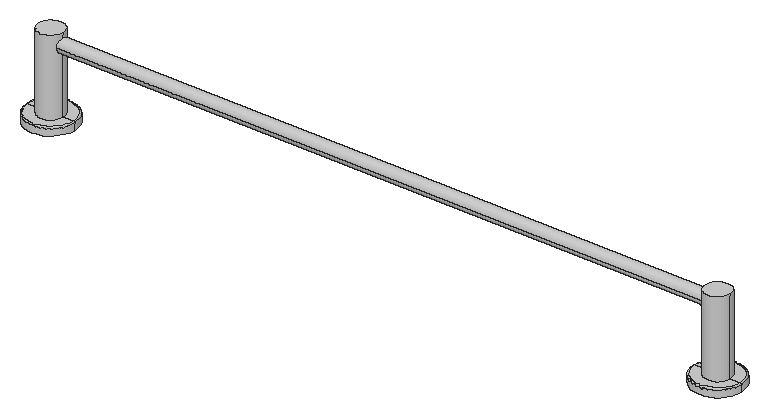
Revit family "LIANO II SINGLE TOWEL RAIL 640MM", category Specialty Equipment, host Face, Revit 2020
Family settings
  Host = Face
  Round Connector Dimension = Use Radius
  Part Type = Normal
  OmniClass Number = 23.40.20.21.27
  OmniClass Title = Towel Bars
  Cut with Voids When Loaded = No
  Shared = No
  Room Calculation Point = No
Parameters (values of type "LIANO II SINGLE TOWEL RAIL 640MM - CHROME")
  URL = "https://www.caroma.com.au/"
  Model = "96445C"
  Material_Base = GWA_Metal-Chrome
  Manufacturer = "GWA Bathrooms & Kitchens"  # constant formula
  Description = "LIANO II SINGLE TOWEL RAIL 640MM - CHROME"
  Default Elevation = 1000.00 mm
  CreatedBy_ANZRS = "GWA Bathrooms & Kitchens"  # constant formula
  Assembly Code = "C1030220"
Types (7, lengths in mm): name | Model | Material_Base | Description
  (no name) | "96445C" | GWA_Metal-Chrome | "LIANO II SINGLE TOWEL RAIL 640MM - CHROME"
  LIANO II SINGLE TOWEL RAIL 640MM - CHROME | "96445C" | GWA_Metal-Chrome | "LIANO II SINGLE TOWEL RAIL 640MM - CHROME"
  LIANO II SINGLE TOWEL RAIL 640MM - MATTE BLACK | "96445B" | GWA-Metal-Black | "LIANO II SINGLE TOWEL RAIL 640MM - MATTE BLACK"
  LIANO II SINGLE TOWEL RAIL 640MM - BRUSHED NICKEL | "96445BN" | GWA_Metal-Brushed-Nickel | "LIANO II SINGLE TOWEL RAIL 640MM - BRUSHED NICKEL"
  LIANO II SINGLE TOWEL RAIL 640MM - BRUSHED BRASS | "96445BB" | GWA_Metal-Brushed-Brass | "LIANO II SINGLE TOWEL RAIL 640MM - BRUSHED BRASS"
  LIANO II SINGLE TOWEL RAIL 640MM - GUNMETAL | "96445GM" | GWA-Metal-Gunmetal Grey | "LIANO II SINGLE TOWEL RAIL 640MM - GUNMETAL"
  LIANO II SINGLE TOWEL RAIL 640MM - BRUSHED BRONZE | "96445BBZ" | GWA_Metal-Brushed-Bronze | "LIANO II SINGLE TOWEL RAIL 640MM - BRUSHED BRONZE"
Reference planes
  plane 1 "Center (Front/Back)": y = 0
  plane 2: z = 0
  plane 3 "Center (Left/Right)": x = 0
Forms (mm)
  Revolve 1, solid, material "GWA_Metal-Chrome" <- "Material_Base"
    sketch origin (300, 0, 0) x (1, 0, 0) y (0, 0, 1)
      loop
        line (0, 7) -> (0, 0) -> (21.5, 0) -> (21.5, 6)
        arc (21.5, 6) -> (21.207, 6.707) -> (20.5, 7) r 1
        line (20.5, 7) -> (0, 7)
      axis (0, 0) -> (0, 7)
    angle from 0 to 360
  Extrusion 2, solid, material "GWA_Metal-Chrome" <- "Material_Base"
    sketch origin (300, 0, 0) x (1, 0, 0) y (0, 1, 0)
      loop
        circle (0, 0) r 11
    from 0 to 75
  Revolve 3, solid, material "GWA_Metal-Chrome" <- "Material_Base"
    sketch origin (-300, 0, 0) x (1, 0, 0) y (0, 0, 1)
      loop
        line (0, 7) -> (0, 0) -> (21.5, 0) -> (21.5, 6)
        arc (21.5, 6) -> (21.207, 6.707) -> (20.5, 7) r 1
        line (20.5, 7) -> (0, 7)
      axis (0, 0) -> (0, 7)
    angle from 0 to 360
  Extrusion 4, solid, material "GWA_Metal-Chrome" <- "Material_Base"
    sketch origin (-300, 0, 0) x (1, 0, 0) y (0, 1, 0)
      loop
        circle (0, 0) r 11
    from 0 to 75
  Extrusion 5, solid, material "GWA_Metal-Chrome" <- "Material_Base"
    sketch origin (0, 0, 0) x (0, 1, 0) y (0, 0, 1)
      loop
        circle (0, 65) r 6
    from -300 to 300
Cuts and joins
  joined: Revolve 1, Extrusion 2, Revolve 3, Extrusion 4, Extrusion 5
Lines and regions (mm)
  Masking region 1
    outline origin (0, 0, 0) x (1, 0, 0) y (0, 1, 0)
      loop
        arc (279.354, -6) -> (321.5, 0) -> (279.354, 6) r 21.5
        line (279.354, 6) -> (-279.354, 6)
        arc (-279.354, 6) -> (-321.5, 0) -> (-279.354, -6) r 21.5
        line (-279.354, -6) -> (279.354, -6)
  Masking region 2
    outline origin (0, 0, 0) x (1, 0, 0) y (0, 0, 1)
      loop
        line (320.5, 7) -> (311, 7) -> (311, 75) -> (289, 75) -> (289, 71) -> (-289, 71) -> (-289, 75) -> (-311, 75) -> (-311, 7) -> (-320.5, 7)
        arc (-320.5, 7) -> (-321.207, 6.707) -> (-321.5, 6) r 1
        line (-321.5, 6) -> (-321.5, 0) -> (-278.5, 0) -> (-278.5, 6)
        arc (-278.5, 6) -> (-278.793, 6.707) -> (-279.5, 7) r 1
        line (-279.5, 7) -> (-289, 7) -> (-289, 59) -> (289, 59) -> (289, 7) -> (279.5, 7)
        arc (279.5, 7) -> (278.793, 6.707) -> (278.5, 6) r 1
        line (278.5, 6) -> (278.5, 0) -> (321.5, 0) -> (321.5, 6)
        arc (321.5, 6) -> (321.207, 6.707) -> (320.5, 7) r 1
  Masking region 3
    outline origin (300, 0, 0) x (0, 1, 0) y (0, 0, 1)
      loop
        line (11, 7) -> (11, 75) -> (-11, 75) -> (-11, 7) -> (-20.5, 7)
        arc (-20.5, 7) -> (-21.207, 6.707) -> (-21.5, 6) r 1
        line (-21.5, 6) -> (-21.5, 0) -> (21.5, 0) -> (21.5, 6)
        arc (21.5, 6) -> (21.207, 6.707) -> (20.5, 7) r 1
        line (20.5, 7) -> (11, 7)
  symbolic lines
    curve 1: arc (-279.354, 6, 0) -> (-321.5, 0, 0) -> (-279.354, -6, 0) r 21.5
    curve 2: arc (279.354, -6, 0) -> (321.5, 0, 0) -> (279.354, 6, 0) r 21.5
    curve 3: circle (-300, 0, 0) r 11 normal (0, 0, 1)
    curve 4: circle (300, 0, 0) r 11 normal (0, 0, 1)
    curve 5: line (290.78, 6, 0) -> (-290.78, 6, 0)
    curve 6: line (290.78, -6, 0) -> (-290.78, -6, 0)
    curve 7: line (321.5, 0, 0) -> (321.5, 0, 6)
    curve 8: line (320.5, 0, 7) -> (279.5, 0, 7)
    curve 9: line (278.5, 0, 0) -> (278.5, 0, 6)
    curve 10: line (278.5, 0, 0) -> (321.5, 0, 0)
    curve 11: line (311, 0, 75) -> (289, 0, 75)
    curve 12: line (289, 0, 75) -> (289, 0, 71)
    curve 13: line (311, 0, 75) -> (311, 0, 7)
    curve 14: line (289, 0, 59) -> (-289, 0, 59)
    curve 15: line (289, 0, 71) -> (-289, 0, 71)
    curve 16: arc (321.5, 0, 6) -> (321.207, 0, 6.707) -> (320.5, 0, 7) r 1
    curve 17: arc (279.5, 0, 7) -> (278.793, 0, 6.707) -> (278.5, 0, 6) r 1
    curve 18: arc (289, 0, 71) -> (290.78, 0, 65) -> (289, 0, 59) r 11
    curve 19: line (-321.5, 0, 0) -> (-321.5, 0, 6)
    curve 20: line (-320.5, 0, 7) -> (-279.5, 0, 7)
    curve 21: line (-278.5, 0, 0) -> (-278.5, 0, 6)
    curve 22: line (-278.5, 0, 0) -> (-321.5, 0, 0)
    curve 23: line (-311, 0, 75) -> (-289, 0, 75)
    curve 24: line (-289, 0, 75) -> (-289, 0, 71)
    curve 25: line (-311, 0, 75) -> (-311, 0, 7)
    curve 26: arc (-321.5, 0, 6) -> (-321.207, 0, 6.707) -> (-320.5, 0, 7) r 1
    curve 27: arc (-279.5, 0, 7) -> (-278.793, 0, 6.707) -> (-278.5, 0, 6) r 1
    curve 28: arc (-289, 0, 71) -> (-290.78, 0, 65) -> (-289, 0, 59) r 11
    curve 29: line (289, 0, 59) -> (289, 0, 7)
    curve 30: line (-289, 0, 59) -> (-289, 0, 7)
    curve 31: line (300, -21.5, 0) -> (300, 21.5, 0)
    curve 32: line (300, 21.5, 0) -> (300, 21.5, 6)
    curve 33: line (300, 20.5, 7) -> (300, -20.5, 7)
    curve 34: line (300, -21.5, 6) -> (300, -21.5, 0)
    curve 35: line (300, -11, 75) -> (300, 11, 75)
    curve 36: line (300, 11, 75) -> (300, 11, 7)
    curve 37: line (300, -11, 75) -> (300, -11, 7)
    curve 38: arc (300, -21.5, 6) -> (300, -21.207, 6.707) -> (300, -20.5, 7) r 1
    curve 39: arc (300, 20.5, 7) -> (300, 21.207, 6.707) -> (300, 21.5, 6) r 1
Dimensions and locks
  aligned and locked: plane 2 to host face
  aligned and locked: level to host face
